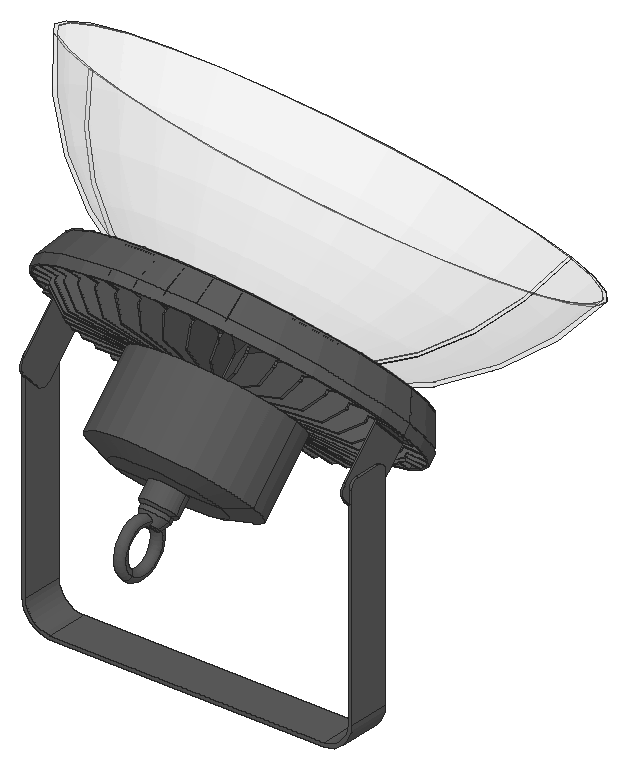
Revit family "0039345+0039354+0039358 Feilo Sylvania Lighting Fixture START HIGHBAY 4K 19KLM MEDIUM with BRACKET and PC LAMPSHADE TRANSPARENT", category Lighting Fixtures, host Face, Revit 2017 (continued)
Definition of nested family "Start LED Highbay Head"
  Dimensions and locks
    "RHRadius2_FEILO": plane 3 "Center (Left/Right)" to plane 32
    "RHHeight3_FEILO": plane 31 to plane 33
    "RHHeight4_FEILO": plane 33 to plane 34
    "RHRadius3_FEILO": plane 3 "Center (Left/Right)" to plane 35
    "RHHeight1_FEILO": plane 28 to plane 30
    "EyeInner_FEILO": plane 34 to plane 36
    "EyeInner_FEILO": plane 36 to plane 37
    equal spacing: plane 38, plane 3 "Center (Left/Right)", plane 39
    "EyeThickness_FEILO": plane 38 to plane 39
    "EyeThickness_FEILO": plane 37 to plane 40
    equal spacing: plane 37, plane 41, plane 40
    equal spacing: plane 6, plane 42, plane 18
    "ThicknessBracket_FEILO": plane 45 to plane 6
    "ThicknessBracket_FEILO": plane 8 to plane 44
    locked: plane 43 to plane 18 at 1
    equal spacing: plane 24, plane 46, plane 26
    equal spacing: plane 47, plane 1 "Center (Front/Back)", plane 48
    "WidthBracket_FEILO": plane 47 to plane 48
    "WidthRingChamfer_FEILO": plane 50 to plane 49
    "ThicknessWall_FEILO": plane 51 to plane 49
    equal spacing: plane 50, plane 52, plane 51
    "ThicknessBracket_FEILO": plane 54 to plane 50
    locked: plane 53 to plane 51 at 1
    "Radius_FEILO": plane 49 to plane 3 "Center (Left/Right)"
    "ShadeRadiusOut_FEILO": plane 3 "Center (Left/Right)" to plane 55
    "ShadeHeight_FEILO": plane 56 to plane 4
    "ShadeRadiusIn_FEILO": plane 3 "Center (Left/Right)" to plane 57
    locked: plane 58 to plane 57 at 8
    "ShadeThickness_FEILO": plane 60 to plane 4
    "ShadeThickness_FEILO": plane 59 to plane 55
    "EyeThicknessHalf_FEILO": radius of curve 8
    "ThicknessBracket_FEILO": radius of Extrusion 7 sketch curve  (x2)
    "ThicknessBracketHalf_FEILO": radius of Extrusion 7 sketch curve  (x2)
    "ShadeRadiusBend_FEILO": radius of curve 9
    aligned and locked: plane 2 to Extrusion 1
    aligned and locked: level to Extrusion 1
    aligned and locked: plane 5 to curve 1
    aligned and locked: plane 6 to curve 1
    aligned and locked: plane 7 to curve 1
    aligned and locked: plane 10 to curve 2
    aligned and locked: plane 9 to curve 3
    aligned and locked: plane 4 to curve 3
    aligned and locked: plane 11 to curve 3
    aligned and locked: plane 4 to curve 4
    aligned and locked: plane 18 to curve 5
    aligned and locked: plane 10 to curve 5
    aligned and locked: Revolve 2 sketch curve to plane 3 "Center (Left/Right)"
    aligned and locked: Revolve 2 sketch curve to curve 3
    aligned and locked: Revolve 2 sketch curve to curve 1
    aligned and locked: plane 4 to Revolve 2 sketch curve
    aligned and locked: plane 9 to Revolve 2 sketch curve
    aligned and locked: Revolve 2 sketch curve to plane 13
    aligned and locked: Revolve 2 sketch curve to plane 10
    aligned and locked: plane 13 to Revolve 2 sketch curve
    aligned and locked: plane 10 to Revolve 2 sketch curve
    aligned and locked: Revolve 2 sketch curve to plane 18
    aligned and locked: Revolve 2 sketch curve to plane 8
    aligned and locked: plane 5 to Revolve 2 sketch curve  (x2)
    aligned and locked: Revolve 3 sketch curve to plane 3 "Center (Left/Right)"
    aligned and locked: plane 11 to Revolve 3 sketch curve
    aligned and locked: Revolve 3 sketch curve to curve 2
    aligned and locked: plane 15 to Revolve 3 sketch curve
    aligned and locked: Revolve 3 sketch curve to plane 16
    aligned and locked: plane 17 to Revolve 3 sketch curve  (x2)
    aligned and locked: Revolve 3 sketch curve to plane 12
    aligned and locked: plane 7 to Revolve 3 sketch curve
    aligned and locked: Revolve 4 sketch curve to plane 3 "Center (Left/Right)"
    aligned and locked: Revolve 4 sketch curve to plane 14
    aligned and locked: plane 3 "Center (Left/Right)" to Revolve 4 sketch curve
    aligned and locked: Revolve 4 sketch curve to plane 12
    aligned and locked: plane 15 to Revolve 4 sketch curve
    aligned and locked: Revolve 2 sketch curve to curve 5
    aligned and locked: plane 22 to curve 6
    aligned and locked: plane 21 to curve 6
    aligned and locked: plane 20 to curve 6
    aligned and locked: plane 19 to curve 6
    aligned and locked: plane 33 to curve 7
    aligned and locked: plane 32 to curve 7
    aligned and locked: plane 35 to curve 7
    aligned and locked: plane 34 to curve 7
    aligned and locked: Revolve 5 sketch curve to plane 3 "Center (Left/Right)"
    aligned and locked: Revolve 5 sketch curve to plane 25
    aligned and locked: plane 27 to Revolve 5 sketch curve
    aligned and locked: plane 28 to Revolve 5 sketch curve
    aligned and locked: plane 30 to Revolve 5 sketch curve
    aligned and locked: Revolve 5 sketch curve to plane 29
    aligned and locked: plane 31 to Revolve 5 sketch curve
    aligned and locked: Revolve 5 sketch curve to curve 7
    aligned and locked: Revolve 5 sketch curve to plane 32
    aligned and locked: plane 34 to Revolve 5 sketch curve
    aligned and locked: plane 3 "Center (Left/Right)" to Revolve 5 sketch curve
    aligned and locked: plane 3 "Center (Left/Right)" to curve 8
    aligned and locked: plane 41 to curve 8
    aligned and locked: Revolve 6 sketch curve to plane 36
    aligned and locked: Revolve 6 sketch curve to curve 8
    aligned and locked: plane 43 to Extrusion 7 sketch curve  (x2)
    aligned and locked: plane 8 to Extrusion 7 sketch curve  (x3)
    aligned and locked: Extrusion 7 sketch curve to plane 45
    aligned and locked: Extrusion 7 sketch curve to plane 46  (x2)
    aligned and locked: plane 6 to Extrusion 7 sketch curve
    aligned and locked: Extrusion 7 sketch curve to plane 44  (x2)
    aligned and locked: Extrusion 7 to plane 48
    aligned and locked: plane 47 to Extrusion 7
    aligned and locked: plane 53 to Extrusion 7 sketch curve
    aligned and locked: plane 50 to Extrusion 7 sketch curve
    aligned and locked: Extrusion 7 sketch curve to plane 54
    aligned and locked: Extrusion 8 sketch curve to Extrusion 8 sketch curve
    aligned and locked: Extrusion 8 to plane 6
    aligned and locked: Extrusion 8 to Extrusion 7
    aligned and locked: Revolve 5 sketch curve to plane 22
    aligned and locked: plane 23 to nested 1
    aligned and locked: plane 1 "Center (Front/Back)" to nested 1
    aligned and locked: Revolve 9 sketch curve to plane 3 "Center (Left/Right)"
    aligned and locked: Revolve 9 sketch curve to plane 4
    aligned and locked: plane 6 to Revolve 9 sketch curve
    aligned and locked: plane 4 to Revolve 9 sketch curve
    aligned and locked: plane 7 to Revolve 9 sketch curve
    aligned and locked: Revolve 9 sketch curve to plane 5
    aligned and locked: plane 8 to Revolve 9 sketch curve  (x2)
    aligned and locked: Revolve 9 sketch curve to plane 19
    aligned and locked: plane 20 to Revolve 9 sketch curve
    aligned and locked: plane 19 to Revolve 9 sketch curve
    aligned and locked: plane 21 to Revolve 9 sketch curve
    aligned and locked: plane 22 to Revolve 9 sketch curve  (x2)
    aligned and locked: Revolve 9 sketch curve to Revolve 9 sketch curve
    aligned and locked: imposter light to plane 4
    aligned and locked: plane 3 "Center (Left/Right)" to imposter light
    aligned and locked: imposter light to plane 1 "Center (Front/Back)"
    aligned and locked: plane 55 to curve 9
    aligned and locked: plane 56 to curve 9
    aligned and locked: plane 57 to curve 9
    aligned and locked: plane 4 to curve 9
    aligned and locked: Revolve 10 sketch curve to curve 9
    aligned and locked: plane 58 to Revolve 10 sketch curve
    aligned and locked: plane 57 to Revolve 10 sketch curve
    aligned and locked: plane 56 to Revolve 10 sketch curve  (x2)
    aligned and locked: Revolve 10 sketch curve to plane 58
    aligned and locked: plane 60 to Revolve 10 sketch curve
  Automatic sketch dimensions
    Extrusion 1 sketch curve to Extrusion 1 sketch curve = 2438.4 mm  (x2)
    Revolve 2 sketch curve to plane 6 = 0.299 mm
    plane 6 to Revolve 2 sketch curve = 0.459 mm
    Revolve 2 sketch curve to level = 609.6 mm
    Revolve 2 sketch curve to Revolve 2 sketch curve = 2312.223 mm
    Revolve 3 sketch curve to plane 12 = 0 mm
    Revolve 3 sketch curve to plane 3 "Center (Left/Right)" = 0 mm
    Revolve 3 sketch curve to level = 609.6 mm
    Revolve 3 sketch curve to plane 4 = 2339.058 mm
    Revolve 4 sketch curve to level = 609.6 mm
    Revolve 4 sketch curve to plane 4 = 2339.058 mm
    Revolve 6 sketch curve to plane 5 = 1080 mm
    plane 38 to Revolve 6 sketch curve = 1219.2 mm
    Extrusion 8 sketch curve to plane 47 = 0 mm
    plane 46 to Extrusion 8 sketch curve = 0 mm  (x2)
    Extrusion 8 sketch curve to plane 48 = 0 mm
    plane 47 to Extrusion 8 sketch curve = 5 mm
    plane 1 "Center (Front/Back)" to Extrusion 8 sketch curve = 10 mm
    Extrusion 8 sketch curve to Extrusion 8 sketch curve = 10 mm
    plane 46 to Extrusion 8 sketch curve = 5 mm
    Extrusion 8 sketch curve to Extrusion 8 sketch curve = 5 mm
    Extrusion 8 sketch curve to plane 48 = 5 mm
    Revolve 5 sketch curve to plane 26 = 0 mm
    Revolve 5 sketch curve to plane 35 = 0.437 mm
    plane 35 to Revolve 5 sketch curve = 0.847 mm
    Revolve 5 sketch curve to plane 34 = 0.726 mm
    plane 40 to Revolve 5 sketch curve = 590.2 mm
    Revolve 5 sketch curve to plane 4 = 2339.058 mm
    Revolve 9 sketch curve to level = 609.6 mm
    Revolve 9 sketch curve to Revolve 9 sketch curve = 2386.058 mm
    curve 2 to plane 3 "Center (Left/Right)" = 0 mm
    Revolve 10 sketch curve to Revolve 10 sketch curve = 0 mm  (x2)
    Revolve 10 sketch curve to plane 3 "Center (Left/Right)" = 0 mm
    plane 57 to Revolve 10 sketch curve = 0.659 mm
    Revolve 10 sketch curve to level = 609.6 mm
    Revolve 10 sketch curve to Revolve 10 sketch curve = 2068.248 mm
  Nested families
    nested 1: "Start Highbay Rib" at (0, 0, 67.775), type "Type Name", detail levels medium+fine
      with SuspensionHeight_FEILO 2.6 mm
    nested 2: "Start Highbay Rib" at (0, 0, 67.775) x (0.9877, 0.1564, 0) z (0, 0, 1), type "Type Name", detail levels medium+fine
      with SuspensionHeight_FEILO 2.6 mm
    nested 3: "Start Highbay Rib" at (0, 0, 67.775) x (0.9511, 0.309, 0) z (0, 0, 1), type "Type Name", detail levels medium+fine
      with SuspensionHeight_FEILO 2.6 mm
    nested 4: "Start Highbay Rib" at (0, 0, 67.775) x (0.891, 0.454, 0) z (0, 0, 1), type "Type Name", detail levels medium+fine
      with SuspensionHeight_FEILO 2.6 mm
    nested 5: "Start Highbay Rib" at (0, 0, 67.775) x (0.809, 0.5878, 0) z (0, 0, 1), type "Type Name", detail levels medium+fine
      with SuspensionHeight_FEILO 2.6 mm
    nested 6: "Start Highbay Rib" at (0, 0, 67.775) x (0.7071, 0.7071, 0) z (0, 0, 1), type "Type Name", detail levels medium+fine
      with SuspensionHeight_FEILO 2.6 mm
    nested 7: "Start Highbay Rib" at (0, 0, 67.775) x (0.5878, 0.809, 0) z (0, 0, 1), type "Type Name", detail levels medium+fine
      with SuspensionHeight_FEILO 2.6 mm
    nested 8: "Start Highbay Rib" at (0, 0, 67.775) x (0.454, 0.891, 0) z (0, 0, 1), type "Type Name", detail levels medium+fine
      with SuspensionHeight_FEILO 2.6 mm
    nested 9: "Start Highbay Rib" at (0, 0, 67.775) x (0.309, 0.9511, 0) z (0, 0, 1), type "Type Name", detail levels medium+fine
      with SuspensionHeight_FEILO 2.6 mm
    nested 10: "Start Highbay Rib" at (0, 0, 67.775) x (0.1564, 0.9877, 0) z (0, 0, 1), type "Type Name", detail levels medium+fine
      with SuspensionHeight_FEILO 2.6 mm
    nested 11: "Start Highbay Rib" at (0, 0, 67.775) x (0, 1, 0) z (0, 0, 1), type "Type Name", detail levels medium+fine
      with SuspensionHeight_FEILO 2.6 mm
    nested 12: "Start Highbay Rib" at (0, 0, 67.775) x (-0.1564, 0.9877, 0) z (0, 0, 1), type "Type Name", detail levels medium+fine
      with SuspensionHeight_FEILO 2.6 mm
    nested 13: "Start Highbay Rib" at (0, 0, 67.775) x (-0.309, 0.9511, 0) z (0, 0, 1), type "Type Name", detail levels medium+fine
      with SuspensionHeight_FEILO 2.6 mm
    nested 14: "Start Highbay Rib" at (0, 0, 67.775) x (-0.454, 0.891, 0) z (0, 0, 1), type "Type Name", detail levels medium+fine
      with SuspensionHeight_FEILO 2.6 mm
    nested 15: "Start Highbay Rib" at (0, 0, 67.775) x (-0.5878, 0.809, 0) z (0, 0, 1), type "Type Name", detail levels medium+fine
      with SuspensionHeight_FEILO 2.6 mm
    nested 16: "Start Highbay Rib" at (0, 0, 67.775) x (-0.7071, 0.7071, 0) z (0, 0, 1), type "Type Name", detail levels medium+fine
      with SuspensionHeight_FEILO 2.6 mm
    nested 17: "Start Highbay Rib" at (0, 0, 67.775) x (-0.809, 0.5878, 0) z (0, 0, 1), type "Type Name", detail levels medium+fine
      with SuspensionHeight_FEILO 2.6 mm
    nested 18: "Start Highbay Rib" at (0, 0, 67.775) x (-0.891, 0.454, 0) z (0, 0, 1), type "Type Name", detail levels medium+fine
      with SuspensionHeight_FEILO 2.6 mm
    nested 19: "Start Highbay Rib" at (0, 0, 67.775) x (-0.9511, 0.309, 0) z (0, 0, 1), type "Type Name", detail levels medium+fine
      with SuspensionHeight_FEILO 2.6 mm
    nested 20: "Start Highbay Rib" at (0, 0, 67.775) x (-0.9877, 0.1564, 0) z (0, 0, 1), type "Type Name", detail levels medium+fine
      with SuspensionHeight_FEILO 2.6 mm
    nested 21: "Start Highbay Rib" at (0, 0, 67.775) x (-1, 0, 0) z (0, 0, 1), type "Type Name", detail levels medium+fine
      with SuspensionHeight_FEILO 2.6 mm
    nested 22: "Start Highbay Rib" at (0, 0, 67.775) x (-0.9877, -0.1564, 0) z (0, 0, 1), type "Type Name", detail levels medium+fine
      with SuspensionHeight_FEILO 2.6 mm
    nested 23: "Start Highbay Rib" at (0, 0, 67.775) x (-0.9511, -0.309, 0) z (0, 0, 1), type "Type Name", detail levels medium+fine
      with SuspensionHeight_FEILO 2.6 mm
    nested 24: "Start Highbay Rib" at (0, 0, 67.775) x (-0.891, -0.454, 0) z (0, 0, 1), type "Type Name", detail levels medium+fine
      with SuspensionHeight_FEILO 2.6 mm
    nested 25: "Start Highbay Rib" at (0, 0, 67.775) x (-0.809, -0.5878, 0) z (0, 0, 1), type "Type Name", detail levels medium+fine
      with SuspensionHeight_FEILO 2.6 mm
    nested 26: "Start Highbay Rib" at (0, 0, 67.775) x (-0.7071, -0.7071, 0) z (0, 0, 1), type "Type Name", detail levels medium+fine
      with SuspensionHeight_FEILO 2.6 mm
    nested 27: "Start Highbay Rib" at (0, 0, 67.775) x (-0.5878, -0.809, 0) z (0, 0, 1), type "Type Name", detail levels medium+fine
      with SuspensionHeight_FEILO 2.6 mm
    nested 28: "Start Highbay Rib" at (0, 0, 67.775) x (-0.454, -0.891, 0) z (0, 0, 1), type "Type Name", detail levels medium+fine
      with SuspensionHeight_FEILO 2.6 mm
    nested 29: "Start Highbay Rib" at (0, 0, 67.775) x (-0.309, -0.9511, 0) z (0, 0, 1), type "Type Name", detail levels medium+fine
      with SuspensionHeight_FEILO 2.6 mm
    nested 30: "Start Highbay Rib" at (0, 0, 67.775) x (-0.1564, -0.9877, 0) z (0, 0, 1), type "Type Name", detail levels medium+fine
      with SuspensionHeight_FEILO 2.6 mm
    nested 31: "Start Highbay Rib" at (0, 0, 67.775) x (0, -1, 0) z (0, 0, 1), type "Type Name", detail levels medium+fine
      with SuspensionHeight_FEILO 2.6 mm
    nested 32: "Start Highbay Rib" at (0, 0, 67.775) x (0.1564, -0.9877, 0) z (0, 0, 1), type "Type Name", detail levels medium+fine
      with SuspensionHeight_FEILO 2.6 mm
    nested 33: "Start Highbay Rib" at (0, 0, 67.775) x (0.309, -0.9511, 0) z (0, 0, 1), type "Type Name", detail levels medium+fine
      with SuspensionHeight_FEILO 2.6 mm
    nested 34: "Start Highbay Rib" at (0, 0, 67.775) x (0.454, -0.891, 0) z (0, 0, 1), type "Type Name", detail levels medium+fine
      with SuspensionHeight_FEILO 2.6 mm
    nested 35: "Start Highbay Rib" at (0, 0, 67.775) x (0.5878, -0.809, 0) z (0, 0, 1), type "Type Name", detail levels medium+fine
      with SuspensionHeight_FEILO 2.6 mm
    nested 36: "Start Highbay Rib" at (0, 0, 67.775) x (0.7071, -0.7071, 0) z (0, 0, 1), type "Type Name", detail levels medium+fine
      with SuspensionHeight_FEILO 2.6 mm
    nested 37: "Start Highbay Rib" at (0, 0, 67.775) x (0.809, -0.5878, 0) z (0, 0, 1), type "Type Name", detail levels medium+fine
      with SuspensionHeight_FEILO 2.6 mm
    nested 38: "Start Highbay Rib" at (0, 0, 67.775) x (0.891, -0.454, 0) z (0, 0, 1), type "Type Name", detail levels medium+fine
      with SuspensionHeight_FEILO 2.6 mm
    nested 39: "Start Highbay Rib" at (0, 0, 67.775) x (0.9511, -0.309, 0) z (0, 0, 1), type "Type Name", detail levels medium+fine
      with SuspensionHeight_FEILO 2.6 mm
    nested 40: "Start Highbay Rib" at (0, 0, 67.775) x (0.9877, -0.1564, 0) z (0, 0, 1), type "Type Name", detail levels medium+fine
      with SuspensionHeight_FEILO 2.6 mm
  Definition of nested family "Start Highbay Rib"
    Parameters (values of type "Type Name")
      WidthStraight_FEILO = if(SizeS_FEILO, 3 mm, if(SizeM_FEILO, 4 mm, 4.7 mm))  # 3 mm
      WidthRingChamfer_FEILO = if(SizeS_FEILO, 10.3 mm, if(SizeM_FEILO, 11.2 mm, 12.9 mm))  # 10.3 mm
      WidthCurved_FEILO = if(SizeS_FEILO, 17.4 mm, if(SizeM_FEILO, 16.4 mm, 26.2 mm))  # 17.4 mm
      WidthCurvedRing_FEILO = if(SizeS_FEILO, 3 mm, if(SizeM_FEILO, 4 mm, 4.7 mm))  # 3 mm
      WidthBracket_FEILO = 40 mm
      URL = "http://www.feilosylvania.com"
      Type Image = (empty or 0)
      Type Comments = "n/a"
      ThicknessWall_FEILO = 1.5 mm
      ThicknessBracket_FEILO = 1.5 mm
      ThicknessBracketHalf_FEILO = ThicknessBracket_FEILO / 2  # 0.75 mm
      SuspensionHeight_FEILO [instance] = 2.6 mm
      SizeS_FEILO = yes
      SizeM_FEILO = no
      Rib4_FEILO = if(SizeS_FEILO, 18.1 mm, if(SizeM_FEILO, 13.6 mm, 14.6 mm))  # 18.1 mm
      Rib3_FEILO = if(SizeS_FEILO, 15.3 mm, if(SizeM_FEILO, 17.6 mm, 20.2 mm))  # 15.3 mm
      Rib2_FEILO = if(SizeS_FEILO, 3.6 mm, if(SizeM_FEILO, 3.9 mm, 4.5 mm))  # 3.6 mm
      Rib1_FEILO = if(SizeS_FEILO, 15.1 mm, if(SizeM_FEILO, 16.5 mm, 19 mm))  # 15.1 mm
      RadiusRib_FEILO = 2 mm
      RadiusDiffuser_FEILO = if(SizeS_FEILO, 95.2 mm, if(SizeM_FEILO, 105.3 mm, 120 mm))  # 95.2 mm
      RHRadius3_FEILO = if(SizeS_FEILO, 6.6 mm, if(SizeM_FEILO, 7.4 mm, 8.6 mm))  # 6.6 mm
      RHRadius2_FEILO = if(SizeS_FEILO, 11 mm, if(SizeM_FEILO, 12 mm, 14 mm))  # 11 mm
      RHRadius1_FEILO = if(SizeS_FEILO, 13.6 mm, if(SizeM_FEILO, 14.9 mm, 17.7 mm))  # 13.6 mm
      RHHeight4_FEILO = if(SizeS_FEILO, 7.3 mm, if(SizeM_FEILO, 8 mm, 9.2 mm))  # 7.3 mm
      RHHeight3_FEILO = if(SizeS_FEILO, 3.6 mm, if(SizeM_FEILO, 3.7 mm, 4.6 mm))  # 3.6 mm
      RHHeight2_FEILO = if(SizeS_FEILO, 2 mm, if(SizeM_FEILO, 2.2 mm, 2.6 mm))  # 2 mm
      RHHeight1_FEILO = if(SizeS_FEILO, 11.8 mm, if(SizeM_FEILO, 15.3 mm, 17.4 mm))  # 11.8 mm
      Material_3_FEILO = none
      Model = ""
      Manufacturer = "Feilo Sylvania"
      Keynote = "16500"
      HeightRing_FEILO = if(SizeS_FEILO, 19.8 mm, if(SizeM_FEILO, 32 mm, 36.8 mm))  # 19.8 mm
      HeightRingChamfer_FEILO = if(SizeS_FEILO, 11.7 mm, if(SizeM_FEILO, 23.2 mm, 26.6 mm))  # 11.7 mm
      EyeThickness_FEILO = if(SizeS_FEILO, 8.4 mm, if(SizeM_FEILO, 9.2 mm, 10.5 mm))  # 8.4 mm
      EyeThicknessHalf_FEILO = EyeThickness_FEILO / 2  # 4.2 mm
      EyeInner_FEILO = if(SizeS_FEILO, 13.8 mm, if(SizeM_FEILO, 15.1 mm, 17.3 mm))  # 13.8 mm
      DriverVerticalStraight_FEILO = if(SizeS_FEILO, 46.5 mm, if(SizeM_FEILO, 49.7 mm, 57 mm))  # 46.5 mm
      DriverVerticalChamfer_FEILO = if(SizeS_FEILO, 7.5 mm, if(SizeM_FEILO, 8.2 mm, 9.5 mm))  # 7.5 mm
      DriverRadius_FEILO = if(SizeS_FEILO, 61.4 mm, if(SizeM_FEILO, 67.2 mm, 76.4 mm))  # 61.4 mm
      DriverRadiusTop_FEILO = if(SizeS_FEILO, 42 mm, if(SizeM_FEILO, 45.3 mm, 52.4 mm))  # 42 mm
      DriverBottom_FEILO = if(SizeS_FEILO, 56 mm, if(SizeM_FEILO, 64.5 mm, 74 mm))  # 56 mm
      Material_2_FEILO = none
      Radius_FEILO = if(SizeS_FEILO, 135 mm, if(SizeM_FEILO, 148 mm, 169.5 mm))  # 135 mm
      Description = ""
      Default Elevation = 1219.2 mm
      Cost = 0
      Material_1_FEILO = none
      Assembly Code = "D5020200"
      Material_4_FEILO = none
    Reference planes
      plane 1 "Center (Front/Back)": y = 0
      plane 2: z = 0
      plane 3 "Center (Left/Right)": x = 0
      plane 4: z = 2.6
      plane 5: x = -135
      plane 6: x = -124.7
      plane 7: z = -9.1
      plane 8: z = -17.2
      plane 9: x = -121.7
      plane 10: z = -0.025
      plane 11: x = -104.3
      plane 12: x = -95.2
      plane 13: x = -118.7
      plane 14: z = 0.975
      plane 15: z = -1.025
      plane 16: x = -92.2
      plane 17: z = -2.025
      plane 18: x = -133.5
      plane 19: x = -119.9
      plane 20: z = -20.8
      plane 21: x = -104.6
      plane 22: z = -38.9
      plane 23: x = -20
      plane 24: z = -53.4
      plane 25: x = -61.4
      plane 26: z = -99.9
      plane 27: x = -42
      plane 28: z = -107.4
      plane 29: x = -13.6
      plane 30: z = -119.2
      plane 31: z = -121.2
      plane 32: x = -11
      plane 33: z = -124.8
      plane 34: z = -132.1
      plane 35: x = -6.6
      plane 36: z = -145.9
      plane 37: z = -159.7
      plane 38: x = 4.2
      plane 39: x = -4.2
      plane 40: z = -168.1
      plane 41: z = -163.9
      plane 42: x = -129.1
      plane 43: x = -132.5
      plane 44: z = -18.7
      plane 45: x = -123.2
      plane 46: z = -76.65
      plane 47: y = -20
      plane 48: y = 20
      plane 49: x = 135
      plane 50: x = 124.7
      plane 51: x = 133.5
      plane 52: x = 129.1
      plane 53: x = 132.5
      plane 54: x = 123.2
      plane 55: y = 0.75
      plane 56: y = -0.75
    Forms (mm)
      Extrusion 1, solid
        sketch origin (4.2, 0, 0) x (1, 0, 0) y (0, 1, 0)
          loop
            line (-1219.2, 1219.2) -> (-1219.2, -1219.2) -> (1219.2, -1219.2) -> (1219.2, 1219.2) -> (-1219.2, 1219.2)
        from 0 to -68.017
      Extrusion 2, solid, material <- "Material_1_FEILO"
        sketch origin (0, 0, 0) x (1, 0, 0) y (0, 0, 1)
          loop
            arc (-104.3, -0.025) -> (-111.555, 0.423) -> (-118.7, 1.76) r 58.981
            line (-118.7, 1.76) -> (-118.7, -0.025) -> (-125.012, -0.025) -> (-133.5, -9.666) -> (-133.5, -17.2) -> (-119.9, -17.2) -> (-119.9, -20.068)
            arc (-119.9, -20.068) -> (-119.778, -20.755) -> (-119.427, -21.359) r 2
            line (-119.427, -21.359) -> (-104.966, -38.467)
            arc (-104.966, -38.467) -> (-104.381, -38.789) -> (-103.723, -38.9) r 2
            line (-103.723, -38.9) -> (-20, -38.9) -> (-20, -9.1) -> (-95.2, -9.1) -> (-95.2, -2.025) -> (-104.3, -2.025) -> (-104.3, -0.025)
        from -0.75 to 0.75
    Lines and regions (mm)
      reference lines
        curve 1: line (-135, 0, -9.1) -> (-124.7, 0, 2.6)
        curve 2: line (-104.3, 0, -0.025) -> (0, 0, -0.025)
        curve 3: arc (-104.3, 0, -0.025) -> (-113.098, 0, 0.635) -> (-121.7, 0, 2.6) r 58.981
        curve 4: line (-124.7, 0, 2.6) -> (-121.7, 0, 2.6)
        curve 5: line (-125.012, 0, -0.025) -> (-133.5, 0, -9.666)
        curve 6: line (-119.9, 0, -20.8) -> (-104.6, 0, -38.9)
    Dimensions and locks
      "Radius_FEILO": plane 3 "Center (Left/Right)" to plane 5
      "WidthRingChamfer_FEILO": plane 6 to plane 5
      "WidthStraight_FEILO": plane 9 to plane 6
      "WidthCurvedRing_FEILO": plane 13 to plane 9
      locked: plane 10 to plane 15 at 1
      locked: plane 14 to plane 10 at 1
      locked: plane 4 to plane 10 at 2.625
      locked: plane 15 to plane 17 at 1
      "ThicknessWall_FEILO": plane 18 to plane 5
      "ThicknessWall_FEILO": curve 5 to curve 1
      "HeightRingChamfer_FEILO": plane 4 to plane 7
      "HeightRing_FEILO": plane 4 to plane 8
      "RadiusDiffuser_FEILO": plane 3 "Center (Left/Right)" to plane 12
      locked: plane 16 to plane 12 at 3
      "WidthCurved_FEILO": plane 11 to plane 9
      "SuspensionHeight_FEILO": plane 4 to plane 2
      "Rib1_FEILO": plane 19 to plane 5
      "Rib2_FEILO": plane 8 to plane 20
      "Rib3_FEILO": plane 21 to plane 19
      "Rib4_FEILO": plane 20 to plane 22
      locked: plane 3 "Center (Left/Right)" to plane 23 at 20
      "DriverBottom_FEILO": plane 4 to plane 24
      "DriverRadius_FEILO": plane 3 "Center (Left/Right)" to plane 25
      "DriverVerticalStraight_FEILO": plane 24 to plane 26
      "DriverRadiusTop_FEILO": plane 3 "Center (Left/Right)" to plane 27
      "DriverVerticalChamfer_FEILO": plane 26 to plane 28
      "RHRadius1_FEILO": plane 3 "Center (Left/Right)" to plane 29
      "RHHeight2_FEILO": plane 30 to plane 31
      "RHRadius2_FEILO": plane 3 "Center (Left/Right)" to plane 32
      "RHHeight3_FEILO": plane 31 to plane 33
      "RHHeight4_FEILO": plane 33 to plane 34
      "RHRadius3_FEILO": plane 3 "Center (Left/Right)" to plane 35
      "RHHeight1_FEILO": plane 28 to plane 30
      "EyeInner_FEILO": plane 34 to plane 36
      "EyeInner_FEILO": plane 36 to plane 37
      equal spacing: plane 38, plane 3 "Center (Left/Right)", plane 39
      "EyeThickness_FEILO": plane 38 to plane 39
      "EyeThickness_FEILO": plane 37 to plane 40
      equal spacing: plane 37, plane 41, plane 40
      equal spacing: plane 6, plane 42, plane 18
      "ThicknessBracket_FEILO": plane 45 to plane 6
      "ThicknessBracket_FEILO": plane 8 to plane 44
      locked: plane 43 to plane 18 at 1
      equal spacing: plane 24, plane 46, plane 26
      equal spacing: plane 47, plane 1 "Center (Front/Back)", plane 48
      "WidthBracket_FEILO": plane 47 to plane 48
      "WidthRingChamfer_FEILO": plane 50 to plane 49
      "ThicknessWall_FEILO": plane 51 to plane 49
      equal spacing: plane 50, plane 52, plane 51
      "ThicknessBracket_FEILO": plane 54 to plane 50
      locked: plane 53 to plane 51 at 1
      "Radius_FEILO": plane 49 to plane 3 "Center (Left/Right)"
      equal spacing: plane 56, plane 1 "Center (Front/Back)", plane 55
      "ThicknessWall_FEILO": plane 56 to plane 55
      "RadiusRib_FEILO": radius of Extrusion 2 sketch curve  (x2)
      aligned and locked: plane 2 to Extrusion 1
      aligned and locked: level to Extrusion 1
      aligned and locked: plane 5 to curve 1
      aligned and locked: plane 6 to curve 1
      aligned and locked: plane 7 to curve 1
      aligned and locked: plane 10 to curve 2
      aligned and locked: plane 9 to curve 3
      aligned and locked: plane 4 to curve 3
      aligned and locked: plane 11 to curve 3
      aligned and locked: plane 4 to curve 4
      aligned and locked: plane 18 to curve 5
      aligned and locked: plane 10 to curve 5
      aligned and locked: plane 22 to curve 6
      aligned and locked: plane 21 to curve 6
      aligned and locked: plane 20 to curve 6
      aligned and locked: plane 19 to curve 6
      aligned and locked: Extrusion 2 sketch curve to plane 23
      aligned and locked: Extrusion 2 sketch curve to plane 22
      aligned and locked: Extrusion 2 sketch curve to curve 6
      aligned and locked: plane 19 to Extrusion 2 sketch curve
      aligned and locked: Extrusion 2 sketch curve to plane 8
      aligned and locked: Extrusion 2 sketch curve to curve 5
      aligned and locked: Extrusion 2 sketch curve to curve 3
      aligned and locked: Extrusion 2 to plane 55
      aligned and locked: plane 56 to Extrusion 2
      aligned and locked: curve 6 to Extrusion 2 sketch curve
    Automatic sketch dimensions
      Extrusion 1 sketch curve to Extrusion 1 sketch curve = 2438.4 mm  (x2)
      curve 2 to plane 3 "Center (Left/Right)" = 0 mm
      Extrusion 2 sketch curve to plane 18 = 0 mm
      Extrusion 2 sketch curve to plane 10 = 0 mm
      Extrusion 2 sketch curve to plane 13 = 0 mm
      Extrusion 2 sketch curve to plane 7 = 0 mm
      Extrusion 2 sketch curve to plane 12 = 0 mm
      Extrusion 2 sketch curve to plane 17 = 0 mm
      plane 19 to Extrusion 2 sketch curve = 0.473 mm
      Extrusion 2 sketch curve to plane 21 = 0.366 mm
